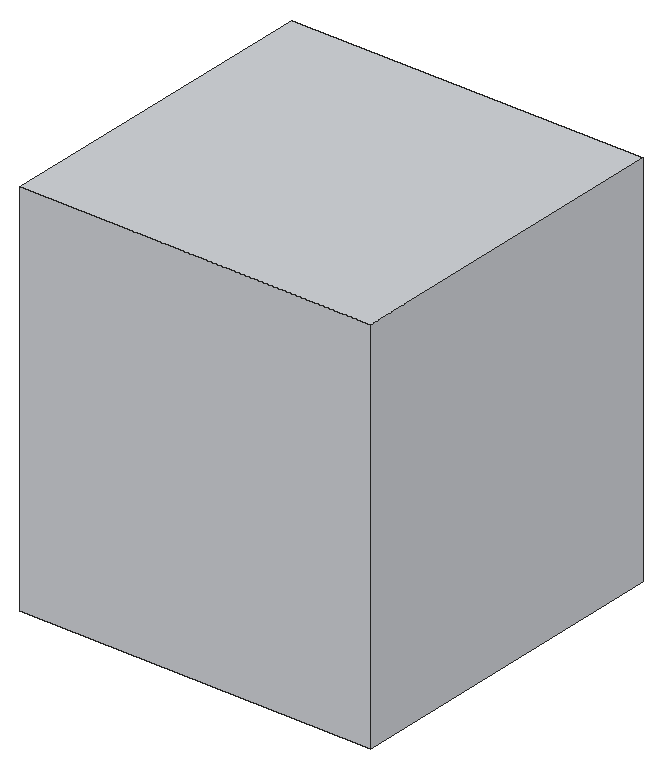
Revit family
Parameters
  Warranty Duration (Years) = 0
  Unit Width [instance] = 4' - 0"
  Unit Height [instance] = 0' - 0"
  Unit Depth = 0' - 0"
  URL = "http://www.americanspecialties.com/viewCategories.cfm"
  Trim Material = Metal - Stainless Steel
  Test Data = ""
  Specification = "http://www.arcat.com/sdspecs/htm/10810asi.htm"
  SpecWizard = ""
  Send Message = "http://www.arcat.com/users.pl?action=UserEmail&company=American%20Specialties,%20Inc.&coid=30448&rep=139&fax=914-476-0688&mf="
  Sales Information = "http://www.americanspecialties.com/contact"
  Revision = "R1_10-2010"
  Product Properties = "http://www.americanspecialties.com/datasheets/8091.pdf"
  Product Data = "http://www.arcat.com/arcatcos/cos30/arc30448.html"
  Model = "As Specified in 10 28 13"
  Manufacturer Website = "http://www.americanspecialties.com/viewCategories.cfm"
  Manufacturer Phone - Toll Free = ""
  Manufacturer Phone = "914-476-9000 "
  Manufacturer Fax = "914-476-0688"
  Manufacturer Address = "441 Saw Mill River Rd., Yonkers, NY 10701"
  Manufacturer = "American Specialties, Inc."
  Maintenance Schedule (Months) = 0
  Keynote = "10 28 13"
  Installation-Fabrication = "http://www.americanspecialties.com/products.cfm"
  Green Building-LEED = ""
  Expected Lifespan (Years) = 0
  Drawn By = "Robert S. Weygant. CSI, CDT, SCIP"  # constant formula
  Description = "Toilet Accessory as Specified in 10 28 13"
  Default Elevation = 4' - 0"
  Copyright = "©Arcat Inc."
  Construction Details = "http://www.arcat.com/green/clients/leed_data_30448.html"
  Building Codes = "http://www.americanspecialties.com/products.cfm"
  Body Material = Metal - Stainless Steel
  Assembly Code = "C1030210"
Reference planes (in)
  plane 1 "Center (Front/Back)": y = -0.29112
  plane 2 "Floor Line": z = 0
  plane 3 "Center (Left/Right)": x = -0.65843
Forms (in)
  Extrusion 1, solid
    sketch origin (-3, -9, -6) x (0, 0, -1) y (1, 0, 0)
      loop
        line (-82, 45.34157) -> (-82, -24.80417) -> (-6, -24.80417) -> (-6, 45.34157) -> (-82, 45.34157)
    from 25.29112 to -42.72698
  Extrusion 2, solid, material "Metal - Stainless Steel" <- "Body Material"
    sketch origin (-0.65843, 0, 0.125) x (0, 1, 0) y (0, 0, 1)
      loop
        line (0.18865, 0) -> (-1.03933, 0) -> (-1.03933, -0.125) -> (0.18865, -0.125) -> (0.18865, 0)
    from 2.125 to -2.125
  Extrusion 3, solid, material "Metal - Stainless Steel" <- "Body Material"
    sketch origin (1.71657, -0.14524, 0.00886) x (0, 1, 0) y (0, 0, 1)
      loop
        line (0.33388, 0.11614) -> (0.33388, 3.375)
        arc (0.33388, 3.375) -> (0.26066, 3.55178) -> (0.08388, 3.625) r 0.25
        line (0.08388, 3.625) -> (-0.04112, 3.625)
        arc (-0.04112, 3.625) -> (-0.15664, 3.58634) -> (-0.25064, 3.50886) r 0.33441
        line (-0.25064, 3.50886) -> (-0.89409, 0.11614) -> (0.33388, 0.11614)
    from -4 to -4.5
  Extrusion 4, solid, material "Metal - Stainless Steel" <- "Body Material"
    sketch origin (-3.03343, -0.14524, 0.00886) x (0, 1, 0) y (0, 0, -1)
      loop
        line (0.33388, -0.11614) -> (-0.89409, -0.11614) -> (-0.25064, -3.50886)
        arc (-0.25064, -3.50886) -> (-0.15664, -3.58634) -> (-0.04112, -3.625) r 0.33441
        line (-0.04112, -3.625) -> (0.08388, -3.625)
        arc (0.08388, -3.625) -> (0.26066, -3.55178) -> (0.33388, -3.375) r 0.25
        line (0.33388, -3.375) -> (0.33388, -0.11614)
    from -4 to -4.5
  Extrusion 5, solid, material "Metal - Stainless Steel" <- "Body Material"
    sketch origin (0, -0.29112, 0) x (1, 0, 0) y (0, 0, 1)
      loop
        line (-2.28343, 3.63386) -> (-2.28343, 3.51771) -> (0.96657, 3.51771) -> (0.96657, 3.63386) -> (-2.28343, 3.63386)
    from 0.12509 to -0.47976
  Extrusion 6, solid, material "Metal - Stainless Steel" <- "Body Material"
    sketch origin (0, 0, 0) x (1, 0, 0) y (0, 1, 0)
      loop
        line (-1.65843, -0.5205) -> (0.34157, -0.5205)
        arc (0.34157, -0.5205) -> (0.72911, -0.12292) -> (0.92415, 0.39692) r 1.35176
        line (0.92415, 0.39692) -> (0.86089, 0.39692)
        arc (0.86089, 0.39692) -> (0.67883, -0.0855) -> (0.32228, -0.458) r 1.28926
        line (0.32228, -0.458) -> (-1.63915, -0.458)
        arc (-1.63915, -0.458) -> (-1.99569, -0.0855) -> (-2.17775, 0.39692) r 1.28926
        line (-2.17775, 0.39692) -> (-2.24102, 0.39692)
        arc (-2.24102, 0.39692) -> (-2.04598, -0.12292) -> (-1.65843, -0.5205) r 1.35176
    from 3.51771 to 0.125
  Extrusion 7, solid, material "Metal - Stainless Steel" <- "Body Material"
    sketch origin (-0.65843, 0, 0) x (0, 1, 0) y (0, 0, 1)
      loop
        line (-0.5205, 2.82136) -> (-0.5205, 0.82136)
        arc (-0.5205, 0.82136) -> (-0.16721, 0.33429) -> (0.39692, 0.125) r 1.03819
        line (0.39692, 0.125) -> (0.39692, 0.18763)
        arc (0.39692, 0.18763) -> (-0.12682, 0.38211) -> (-0.458, 0.83205) r 0.97569
        line (-0.458, 0.83205) -> (-0.458, 2.81067)
        arc (-0.458, 2.81067) -> (-0.12686, 3.26057) -> (0.39681, 3.45508) r 0.97569
        line (0.39681, 3.45508) -> (0.39681, 3.51771)
        arc (0.39681, 3.51771) -> (-0.16725, 3.30839) -> (-0.5205, 2.82136) r 1.03819
    from 1.58259 to -1.58093
  Extrusion 8, void
    sketch origin (-0.65843, 0, 0) x (0, 1, 0) y (0, 0, 1)
      loop
        arc (-0.5205, 2.82136) -> (-0.16721, 3.30842) -> (0.39692, 3.51771) r 1.03819
        line (0.39692, 3.51771) -> (-0.5205, 3.51771) -> (-0.5205, 2.82136)
    from 1.58259 to -1.58259
  Extrusion 9, void
    sketch origin (-0.65843, 0, 3.64271) x (0, 1, 0) y (0, 0, 1)
      loop
        line (-0.5205, -2.82136) -> (-0.5205, -3.51771) -> (0.39692, -3.51771)
        arc (0.39692, -3.51771) -> (-0.16721, -3.30842) -> (-0.5205, -2.82136) r 1.03819
    from 1.58259 to -1.58259
  Extrusion 10, void
    sketch origin (0, 0, 0) x (1, 0, 0) y (0, 1, 0)
      loop
        line (-2.23936, 0.39692) -> (-2.23936, -0.5205) -> (-1.65843, -0.5205)
        arc (-1.65843, -0.5205) -> (-2.04578, -0.12314) -> (-2.23936, 0.39692) r 1.34262
    from 0.125 to 3.51771
  Extrusion 11, void
    sketch origin (-1.31687, 0, 0) x (-1, 0, 0) y (0, -1, 0)
      loop
        arc (-2.23936, -0.39692) -> (-2.04578, 0.12314) -> (-1.65843, 0.5205) r 1.34262
        line (-1.65843, 0.5205) -> (-2.23936, 0.5205) -> (-2.23936, -0.39692)
    from 0.125 to 3.51771
  Extrusion 12, void
    sketch origin (0, 0, 0) x (1, 0, 0) y (0, 1, 0)
      loop
        line (-2.23936, 0.39692) -> (-2.23936, -0.5205) -> (-1.65843, -0.5205)
        arc (-1.65843, -0.5205) -> (-2.04578, -0.12314) -> (-2.23936, 0.39692) r 1.34262
    from 0.125 to 3.51771
Cuts and joins
  Extrusion 8 cuts Extrusion 3
  Extrusion 8, Extrusion 9, Extrusion 11, Extrusion 12 cuts Extrusion 5
  Extrusion 8, Extrusion 9 cuts Extrusion 6
  Extrusion 8, Extrusion 9 cuts Extrusion 7
  Extrusion 10, Extrusion 11, Extrusion 12 cuts Extrusion 2
Dimensions and locks (in)
  aligned and locked: Extrusion 1 to level
  aligned and locked: Extrusion 2 to Extrusion 3  (x3)
  aligned and locked: Extrusion 4 to Extrusion 2  (x2)
  aligned and locked: Extrusion 3 to Extrusion 2
  aligned and locked: Extrusion 5 to Extrusion 3  (x2)
  aligned and locked: Extrusion 5 to Extrusion 4
  aligned and locked: Extrusion 6 to Extrusion 5
  aligned and locked: Extrusion 6 to Extrusion 2
  aligned and locked: Extrusion 6 to Extrusion 3
  aligned and locked: Extrusion 2 to Extrusion 10
  aligned and locked: Extrusion 10 to cut or joined group of Extrusion 3, Extrusion 8
  aligned and locked: Extrusion 7 to Extrusion 8
